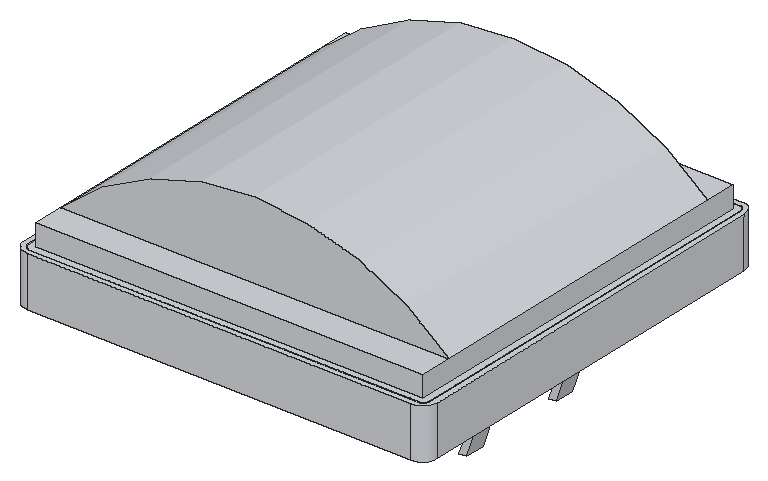
Revit family "Gira_5374005", category Electrical Fixtures, host Face, Revit 2017
Family settings
  Host = Face
  Maintain Annotation Orientation = Yes
  Round Connector Dimension = Use Diameter
  Part Type = Normal
  Cut with Voids When Loaded = No
  Shared = No
  Room Calculation Point = No
Parameters (values of type "S3000 Beweg.m.aufs. 1,10 m Komfort BT System 55 Schwarz m")
  Werkstoffgüte = "sonstige"
  Werkstoff = "sonstige"
  Vernetzbar = "Yes"
  Unterkriechschutz/Rückfeldüberwachung = "No"
  URL = "http://katalog.gira.de/de_DE/datenblatt.html?artikelnr=5374005"
  Treppenhausüberwachung = "Yes"
  Tierschneise = "Yes"
  Teach-Funktion für Ansprechhelligkeit = "No"
  Region = "DE"
  Name = "S3000 Beweg.m.aufs. 1,10 m Komfort BT System 55 Schwarz m"
  Montagehöhe = "1,1 m"
  Montageart = "unter Putz"
  Min. Einschaltdauer = "10 s"
  Max. Reichweite zu einer Seite = "6 m"
  Max. Reichweite frontal = "10 m"
  Max. Einschaltdauer = "1800 s"
  Manufacturer URL = "https://www.gira.de/"
  Konstantlichtregelung = "No"
  Keynote = "Bewegungsmelder_1,10m"
  HeinzeBIM = "https://bimportal.heinze.de/bim/s3000-beweg-m-aufs-1-10-m-komfort-bt-system-55-schwarz-m/44556990c3069ed89eb2e651bfdb80b6db4b7172"
  Halogenfrei = "No"
  HLK-Ansteuerung = "No"
  HAN = "5374005"
  Geeignet für drahtlose Übertragung = "No"
  Geeignet für Schutzart (IP) = "IP20"
  GTIN = "4010337049531"
  Farbe = "schwarz"
  Erfassungswinkel horizontal = "1 - 180"
  Default Elevation = 1219.2 mm
  Data sheet (1) = "https://katalog.gira.de/de_DE/download.html?artikelnr=5374005"
  Category = "Bewegungsmelder-Sensor"
  Available = "Yes"
  Ausführung = "Bewegungsmelder"
  Ansprechhelligkeit einstellbar = "No"
  Ansprechempfindlichkeit einstellbar = "Yes"
  Abdimmfunktion mit Dimmeinsatz = "No"
Reference planes
  plane 1 "Center (Front/Back)": y = 0
  plane 2: z = 0
  plane 3 "Center (Left/Right)": x = 0
Forms (mm)
  Extrusion 1, solid, detail levels fine
    sketch origin (0, 0, 0) x (1, 0, 0) y (0, 0, 1)
      loop
        line (-33.025, 12.126) -> (33.025, 12.126)
        arc (33.025, 12.126) -> (0, 25.3) -> (-33.025, 12.126) r 47.982
    from -27.6 to 27.6
  Extrusion 2, solid, detail levels fine
    sketch origin (0, 0, 0) x (1, 0, 0) y (0, 1, 0)
      loop
        line (33.025, 33.025) -> (-33.025, 33.025) -> (-33.025, -33.025) -> (33.025, -33.025) -> (33.025, 33.025)
    from 8.55 to 12.126
  Extrusion 3, solid, detail levels fine
    sketch origin (0, 0, 0) x (1, 0, 0) y (0, 1, 0)
      loop
        spline (-32.7, 35.2) -> (-33.027, 35.179) -> (-33.347, 35.115) -> (-33.657, 35.01) -> (-33.95, 34.865) -> (-34.222, 34.683) -> (-34.468, 34.468) -> (-34.683, 34.222) -> (-34.865, 33.95) -> (-35.01, 33.657) -> (-35.115, 33.347) -> (-35.179, 33.027) -> (-35.2, 32.7)
        line (-35.2, 32.7) -> (-35.2, -32.7)
        spline (-35.2, -32.7) -> (-35.179, -33.027) -> (-35.115, -33.347) -> (-35.01, -33.657) -> (-34.865, -33.95) -> (-34.683, -34.222) -> (-34.468, -34.468) -> (-34.222, -34.683) -> (-33.95, -34.865) -> (-33.657, -35.01) -> (-33.347, -35.115) -> (-33.027, -35.179) -> (-32.7, -35.2)
        line (-32.7, -35.2) -> (32.7, -35.2)
        spline (32.7, -35.2) -> (33.027, -35.179) -> (33.347, -35.115) -> (33.657, -35.01) -> (33.95, -34.865) -> (34.222, -34.683) -> (34.468, -34.468) -> (34.683, -34.222) -> (34.865, -33.95) -> (35.01, -33.657) -> (35.115, -33.347) -> (35.179, -33.027) -> (35.2, -32.7)
        line (35.2, -32.7) -> (35.2, 32.7)
        spline (35.2, 32.7) -> (35.179, 33.027) -> (35.115, 33.347) -> (35.01, 33.657) -> (34.865, 33.95) -> (34.683, 34.222) -> (34.468, 34.468) -> (34.222, 34.683) -> (33.95, 34.865) -> (33.657, 35.01) -> (33.347, 35.115) -> (33.027, 35.179) -> (32.7, 35.2)
        line (32.7, 35.2) -> (-32.7, 35.2)
      loop
        line (-34.2, 33.2) -> (-34.2, -33.2)
        spline (-34.2, -33.2) -> (-34.191, -33.331) -> (-34.166, -33.459) -> (-34.124, -33.583) -> (-34.066, -33.7) -> (-33.993, -33.809) -> (-33.907, -33.907) -> (-33.809, -33.993) -> (-33.7, -34.066) -> (-33.583, -34.124) -> (-33.459, -34.166) -> (-33.331, -34.191) -> (-33.2, -34.2)
        line (-33.2, -34.2) -> (33.2, -34.2)
        spline (33.2, -34.2) -> (33.331, -34.191) -> (33.459, -34.166) -> (33.583, -34.124) -> (33.7, -34.066) -> (33.809, -33.993) -> (33.907, -33.907) -> (33.993, -33.809) -> (34.066, -33.7) -> (34.124, -33.583) -> (34.166, -33.459) -> (34.191, -33.331) -> (34.2, -33.2)
        line (34.2, -33.2) -> (34.2, 33.2)
        spline (34.2, 33.2) -> (34.191, 33.331) -> (34.166, 33.459) -> (34.124, 33.583) -> (34.066, 33.7) -> (33.993, 33.809) -> (33.907, 33.907) -> (33.809, 33.993) -> (33.7, 34.066) -> (33.583, 34.124) -> (33.459, 34.166) -> (33.331, 34.191) -> (33.2, 34.2)
        line (33.2, 34.2) -> (-33.2, 34.2)
        spline (-33.2, 34.2) -> (-33.331, 34.191) -> (-33.459, 34.166) -> (-33.583, 34.124) -> (-33.7, 34.066) -> (-33.809, 33.993) -> (-33.907, 33.907) -> (-33.993, 33.809) -> (-34.066, 33.7) -> (-34.124, 33.583) -> (-34.166, 33.459) -> (-34.191, 33.331) -> (-34.2, 33.2)
    from 0 to 8.55
  Extrusion 4, solid, detail levels fine
    sketch origin (0, 0, 0) x (1, 0, 0) y (0, 1, 0)
      loop
        line (-34.2, 33.2) -> (-34.2, -33.2)
        spline (-34.2, -33.2) -> (-34.191, -33.331) -> (-34.166, -33.459) -> (-34.124, -33.583) -> (-34.066, -33.7) -> (-33.993, -33.809) -> (-33.907, -33.907) -> (-33.809, -33.993) -> (-33.7, -34.066) -> (-33.583, -34.124) -> (-33.459, -34.166) -> (-33.331, -34.191) -> (-33.2, -34.2)
        line (-33.2, -34.2) -> (33.2, -34.2)
        spline (33.2, -34.2) -> (33.331, -34.191) -> (33.459, -34.166) -> (33.583, -34.124) -> (33.7, -34.066) -> (33.809, -33.993) -> (33.907, -33.907) -> (33.993, -33.809) -> (34.066, -33.7) -> (34.124, -33.583) -> (34.166, -33.459) -> (34.191, -33.331) -> (34.2, -33.2)
        line (34.2, -33.2) -> (34.2, 33.2)
        spline (34.2, 33.2) -> (34.191, 33.331) -> (34.166, 33.459) -> (34.124, 33.583) -> (34.066, 33.7) -> (33.993, 33.809) -> (33.907, 33.907) -> (33.809, 33.993) -> (33.7, 34.066) -> (33.583, 34.124) -> (33.459, 34.166) -> (33.331, 34.191) -> (33.2, 34.2)
        line (33.2, 34.2) -> (-33.2, 34.2)
        spline (-33.2, 34.2) -> (-33.331, 34.191) -> (-33.459, 34.166) -> (-33.583, 34.124) -> (-33.7, 34.066) -> (-33.809, 33.993) -> (-33.907, 33.907) -> (-33.993, 33.809) -> (-34.066, 33.7) -> (-34.124, 33.583) -> (-34.166, 33.459) -> (-34.191, 33.331) -> (-34.2, 33.2)
    from 6.175 to 8.55
  Extrusion 5, solid, detail levels fine
    sketch origin (0, 0, 0) x (1, 0, 0) y (0, 1, 0)
      loop
        spline (-27.7, -27.1) -> (-27.696, -27.165) -> (-27.683, -27.229) -> (-27.662, -27.291) -> (-27.633, -27.35) -> (-27.597, -27.404) -> (-27.554, -27.454) -> (-27.504, -27.497) -> (-27.45, -27.533) -> (-27.391, -27.562) -> (-27.329, -27.583) -> (-27.265, -27.596) -> (-27.2, -27.6)
        line (-27.2, -27.6) -> (27.2, -27.6)
        spline (27.2, -27.6) -> (27.265, -27.596) -> (27.329, -27.583) -> (27.391, -27.562) -> (27.45, -27.533) -> (27.504, -27.497) -> (27.554, -27.454) -> (27.597, -27.404) -> (27.633, -27.35) -> (27.662, -27.291) -> (27.683, -27.229) -> (27.696, -27.165) -> (27.7, -27.1)
        line (27.7, -27.1) -> (27.7, 27.1)
        spline (27.7, 27.1) -> (27.696, 27.165) -> (27.683, 27.229) -> (27.662, 27.291) -> (27.633, 27.35) -> (27.597, 27.404) -> (27.554, 27.454) -> (27.504, 27.497) -> (27.45, 27.533) -> (27.391, 27.562) -> (27.329, 27.583) -> (27.265, 27.596) -> (27.2, 27.6)
        line (27.2, 27.6) -> (-27.2, 27.6)
        spline (-27.2, 27.6) -> (-27.265, 27.596) -> (-27.329, 27.583) -> (-27.391, 27.562) -> (-27.45, 27.533) -> (-27.504, 27.497) -> (-27.554, 27.454) -> (-27.597, 27.404) -> (-27.633, 27.35) -> (-27.662, 27.291) -> (-27.683, 27.229) -> (-27.696, 27.165) -> (-27.7, 27.1)
        line (-27.7, 27.1) -> (-27.7, -27.1)
      loop
        line (26.9, 26.8) -> (-26.9, 26.8) -> (-26.9, -26.8) -> (26.9, -26.8) -> (26.9, 26.8)
    from 0 to 6.175
  Extrusion 6, solid, detail levels fine
    sketch origin (0, 0, 0) x (1, 0, 0) y (0, 1, 0)
      loop
        line (-15.4, -23.928) -> (15.4, -23.928)
        arc (15.4, -23.928) -> (21.43, -21.43) -> (23.928, -15.4) r 8.528
        line (23.928, -15.4) -> (23.928, 15.4)
        arc (23.928, 15.4) -> (21.43, 21.43) -> (15.4, 23.928) r 8.528
        line (15.4, 23.928) -> (-15.4, 23.928)
        arc (-15.4, 23.928) -> (-21.43, 21.43) -> (-23.928, 15.4) r 8.528
        line (-23.928, 15.4) -> (-23.928, -15.4)
        arc (-23.928, -15.4) -> (-21.43, -21.43) -> (-15.4, -23.928) r 8.528
    from -0.985 to 1.6
  Extrusion 7, solid, detail levels fine
    sketch origin (0, 0, 0) x (1, 0, 0) y (0, 1, 0)
      loop
        line (-26.35, 18.301) -> (-26.35, -18.801)
        spline (-26.35, -18.801) -> (-26.286, -19.78) -> (-26.095, -20.742) -> (-25.779, -21.671) -> (-25.345, -22.551) -> (-24.8, -23.366) -> (-24.154, -24.104) -> (-23.416, -24.75) -> (-22.601, -25.295) -> (-21.721, -25.729) -> (-20.792, -26.045) -> (-19.83, -26.236) -> (-18.851, -26.3)
        line (-18.851, -26.3) -> (18.851, -26.3)
        spline (18.851, -26.3) -> (19.83, -26.236) -> (20.792, -26.045) -> (21.721, -25.729) -> (22.601, -25.295) -> (23.416, -24.75) -> (24.154, -24.104) -> (24.8, -23.366) -> (25.345, -22.551) -> (25.779, -21.671) -> (26.094, -20.742) -> (26.286, -19.78) -> (26.35, -18.801)
        line (26.35, -18.801) -> (26.35, 18.301)
        spline (26.35, 18.301) -> (26.286, 19.28) -> (26.094, 20.242) -> (25.779, 21.171) -> (25.345, 22.051) -> (24.8, 22.866) -> (24.154, 23.604) -> (23.416, 24.25) -> (22.601, 24.795) -> (21.721, 25.229) -> (20.792, 25.545) -> (19.83, 25.736) -> (18.851, 25.8)
        line (18.851, 25.8) -> (-18.851, 25.8)
        spline (-18.851, 25.8) -> (-19.83, 25.736) -> (-20.792, 25.545) -> (-21.721, 25.229) -> (-22.601, 24.795) -> (-23.416, 24.25) -> (-24.154, 23.604) -> (-24.8, 22.866) -> (-25.345, 22.051) -> (-25.779, 21.171) -> (-26.095, 20.242) -> (-26.286, 19.28) -> (-26.35, 18.301)
    from 1.6 to 6.1
  Extrusion 8, solid, detail levels fine
    sketch origin (0, 0, 0) x (1, 0, 0) y (0, 0, 1)
      loop
        line (-23.048, -13.343) -> (-21.665, -13.513) -> (-24.338, -6.363) -> (-23.36, 1.6) -> (-25.023, 1.6) -> (-24.975, -1.121) -> (-25.39, -6.541) -> (-23.048, -13.343)
      loop
        line (23.048, -13.343) -> (25.39, -6.541) -> (24.975, -1.121) -> (25.023, 1.6) -> (23.36, 1.6) -> (24.338, -6.363) -> (21.665, -13.513) -> (23.048, -13.343)
    from 7.9 to 11.14
  Extrusion 9, solid, detail levels fine
    sketch origin (0, 0, 0) x (1, 0, 0) y (0, 0, -1)
      loop
        line (-23.048, 13.343) -> (-25.39, 6.541) -> (-24.975, 1.121) -> (-25.023, -1.6) -> (-23.36, -1.6) -> (-24.338, 6.363) -> (-21.665, 13.513) -> (-23.048, 13.343)
      loop
        line (23.048, 13.343) -> (21.665, 13.513) -> (24.338, 6.363) -> (23.36, -1.6) -> (25.023, -1.6) -> (24.975, 1.121) -> (25.39, 6.541) -> (23.048, 13.343)
    from 7.9 to 11.14
  Extrusion 10, solid, detail levels fine
    sketch origin (0, 0, 0) x (1, 0, 0) y (0, 1, 0)
      loop
        line (-5.141, 20.681) -> (-5.141, 15.099)
        spline (-5.141, 15.099) -> (-5.133, 14.968) -> (-5.107, 14.84) -> (-5.065, 14.716) -> (-5.007, 14.599) -> (-4.935, 14.49) -> (-4.849, 14.391) -> (-4.75, 14.305) -> (-4.641, 14.233) -> (-4.524, 14.175) -> (-4.4, 14.133) -> (-4.272, 14.107) -> (-4.141, 14.099)
        line (-4.141, 14.099) -> (4.141, 14.099)
        spline (4.141, 14.099) -> (4.272, 14.107) -> (4.4, 14.133) -> (4.524, 14.175) -> (4.641, 14.233) -> (4.75, 14.305) -> (4.849, 14.391) -> (4.935, 14.49) -> (5.007, 14.599) -> (5.065, 14.716) -> (5.107, 14.84) -> (5.133, 14.968) -> (5.141, 15.099)
        line (5.141, 15.099) -> (5.141, 20.681)
        spline (5.141, 20.681) -> (5.133, 20.812) -> (5.107, 20.94) -> (5.065, 21.064) -> (5.007, 21.181) -> (4.935, 21.29) -> (4.849, 21.389) -> (4.75, 21.475) -> (4.641, 21.547) -> (4.524, 21.605) -> (4.4, 21.647) -> (4.272, 21.673) -> (4.141, 21.681)
        line (4.141, 21.681) -> (-4.141, 21.681)
        spline (-4.141, 21.681) -> (-4.272, 21.673) -> (-4.4, 21.647) -> (-4.524, 21.605) -> (-4.641, 21.547) -> (-4.75, 21.475) -> (-4.849, 21.389) -> (-4.935, 21.29) -> (-5.007, 21.181) -> (-5.065, 21.064) -> (-5.107, 20.94) -> (-5.133, 20.812) -> (-5.141, 20.681)
    from -17.3 to -0.985
  Extrusion 11, solid, detail levels medium
    sketch origin (0, 0, 0) x (1, 0, 0) y (0, 1, 0)
      loop
        line (33.025, 33.025) -> (-33.025, 33.025) -> (-33.025, -33.025) -> (33.025, -33.025) -> (33.025, 33.025)
    from 8.55 to 25.3
  Extrusion 12, solid, detail levels medium
    sketch origin (0, 0, 0) x (1, 0, 0) y (0, 1, 0)
      loop
        line (-35.2, 35.2) -> (-35.2, -35.2) -> (35.2, -35.2) -> (35.2, 35.2) -> (-35.2, 35.2)
    from 0 to 8.55
  Extrusion 13, solid, detail levels medium
    sketch origin (0, 0, 0) x (1, 0, 0) y (0, 0, 1)
      loop
        line (-25.023, 1.6) -> (-25.023, -13.1) -> (-21.665, -13.513) -> (-21.665, 1.6) -> (-25.023, 1.6)
      loop
        line (25.023, 1.6) -> (21.665, 1.6) -> (21.665, -13.513) -> (25.023, -13.1) -> (25.023, 1.6)
    from 8 to 11.14
  Extrusion 14, solid, detail levels medium
    sketch origin (0, 0, 0) x (1, 0, 0) y (0, 0, -1)
      loop
        line (-25.023, -1.6) -> (-21.665, -1.6) -> (-21.665, 13.513) -> (-25.023, 13.1) -> (-25.023, -1.6)
      loop
        line (25.023, -1.6) -> (25.023, 13.1) -> (21.665, 13.513) -> (21.665, -1.6) -> (25.023, -1.6)
    from 8 to 11.14
  Extrusion 15, solid, detail levels medium
    sketch origin (0, 0, 0) x (1, 0, 0) y (0, 1, 0)
      loop
        line (-5.141, 21.681) -> (-5.141, 14.099) -> (5.141, 14.099) -> (5.141, 21.681) -> (-5.141, 21.681)
    from -17.3 to -0.985
  Extrusion 16, solid, detail levels coarse
    sketch origin (0, 0, 0) x (1, 0, 0) y (0, 1, 0)
      loop
        line (-35.2, 35.2) -> (-35.2, -35.2) -> (35.2, -35.2) -> (35.2, 35.2) -> (-35.2, 35.2)
    from -17.3 to 25.3
Dimensions and locks
  aligned and locked: plane 2 to host face
  aligned and locked: level to host face
  aligned and locked: nested 1 to plane 3 "Center (Left/Right)"
  aligned and locked: plane 1 "Center (Front/Back)" to nested 1
Nested families
  nested 1: "Belegungssensor - Bewegung - Aufputz - Beschriftung" at (0, 0, 0) x (0, -1, 0) z (0, 0, 1), type "Belegungssensor - Bewegung - Aufputz - Beschriftung"
Connectors
  electrical at (0, 0, -17.3)
    settings: on Extrusion 16, index 1, voltage 220 V, apparent load 0 VA, apparent load phase1 0 VA, apparent load phase2 0 VA, apparent load phase3 0 VA, power factor 1, load classification "Other", number of poles 1, system type 30, power factor state 1, is connector primary yes, connector utility no, sub classification motor no, connector description ""
Definition of nested family "Belegungssensor - Bewegung - Aufputz - Beschriftung"
  Reference planes
    plane 1: y = 0
    plane 2: x = 0
  Lines and regions (mm)
    Filled region 1, type "Gefüllter Bereich 1"
      outline origin (143.425, -20.712, 0) x (1, 0, 0) y (0, 1, 0)
        loop
          line (-148.697, 21.204) -> (-148.697, 20.409) -> (-147.583, 20.807) -> (-148.697, 21.204)
    Filled region 2, type "Gefüllter Bereich 1"
      outline origin (141.808, 30.001, 0) x (0.939693, 0.34202, 0) y (-0.34202, 0.939693, 0)
        loop
          line (-148.694, 21.203) -> (-148.694, 20.41) -> (-147.583, 20.807) -> (-148.694, 21.203)
    Filled region 3, type "Gefüllter Bereich 1"
      outline origin (141.819, -29.825, 0) x (-0.34202, -0.939693, 0) y (0.939693, -0.34202, 0)
        loop
          line (21.204, -148.697) -> (20.807, -147.583) -> (20.409, -148.697) -> (21.204, -148.697)
    detail lines
      curve 1: line (-1.207, 0.095, 0) -> (-3.486, 1.411, 0)
      curve 2: line (-1.207, 0.095, 0) -> (-3.486, -1.221, 0)
      curve 5: arc (-3.252, 1.752, 0) -> (-3.839, 0.095, 0) -> (-3.252, -1.562, 0) r 2.632
      curve 6: line (-6, 3, 0) -> (0, 3, 0)
      curve 7: line (-6, -3, 0) -> (-6, 3, 0)
      curve 8: line (0, -3, 0) -> (-6, -3, 0)
      curve 9: line (0, 3, 0) -> (0, -3, 0)
    reference lines
      curve 3: line (-1.207, 0.095, 0) -> (-3.616, 2.046, 0)
      curve 4: line (-1.207, 0.095, 0) -> (-3.616, -1.856, 0)
  Dimensions and locks
    curve 1 to curve 1 = 2.632 mm
    curve 2 to curve 2 = 2.632 mm
    curve 6 to curve 8 = 6 mm
    curve 7 to curve 9 = 6 mm
    angle curve 1 to curve 2 = 60.00°
    aligned and locked: curve 6 to curve 7
    aligned and locked: curve 9 to curve 9
